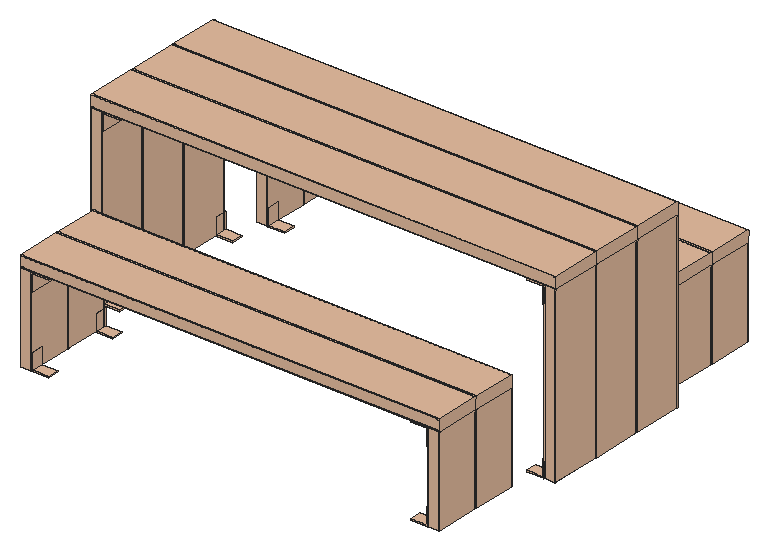
Revit family "Mesa Gavarres", category Furniture, Revit 2020
Family settings
  OmniClass Number = 23.40.20.00
  OmniClass Title = General Furniture and Specialties
  Work Plane-Based = No
  Always vertical = Yes
  Cut with Voids When Loaded = No
  Shared = No
  Room Calculation Point = No
Parameters (values of type "Mesa Gavarres-VM311-2040mm")
  URL_Producto = "https://www.benito.com/es/mobiliario-urbano/mesas/gavarres--VM311.html"
  Type Comments = "Anclaje recomendado: Mediante pernos de expansión M10, según superficie y instalación."
  Referencia = "VM311"
  Material = Madera de pino
  H1 = 0.440 m
  H = 0.810 m
  Ficha_Tecnica = "https://www.benito.com/es/download/data-sheet-VM311"
  Fabricante = "BENITO URBAN SL"
  Description = "Mesa fabricada en madera de pino tratada en autoclave a vacío-presión clase 4 contra la carcoma, termitas e insectos. Tornillería de acero\r\ninoxidable. Pies en plancha de acero corten de 8 mm"
  Default Elevation = 0.000 m
  C = 0.400 m
  B = 0.670 m
  A = 2.040 m
Reference planes (m)
  plane 1 "Center (Front/Back)": y = 0
  plane 2: z = 0
  plane 3 "Center (Left/Right)": x = 0
  plane 4: x = -1.02
  plane 5: x = 1.02
  plane 6: z = 0.81
  plane 7: y = -0.645917
  plane 8: y = -0.447917
  plane 9: y = -0.649917
  plane 10: y = -0.847917
  plane 11: y = 0.645917
  plane 12: y = 0.447917
  plane 13: y = 0.649917
  plane 14: y = 0.847917
  plane 15: x = -0.82
  plane 16: y = 0.335
  plane 17: y = -0.335
  plane 18: y = 0.847917
  plane 19: y = 0.447917
  plane 20: z = 0.44
Forms (m)
  Extrusion 1, solid, material "Madera de pino" <- "Material"
    sketch origin (0, 0, 0) x (0, -1, 0) y (0, 0, -1)
      loop
        arc (0.3325, -0.81) -> (0.334268, -0.809268) -> (0.335, -0.8075) r 0.0025
        line (0.335, -0.8075) -> (0.335, -0.7625)
        arc (0.335, -0.7625) -> (0.334268, -0.760732) -> (0.3325, -0.76) r 0.0025
        line (0.3325, -0.76) -> (0.116667, -0.76)
        arc (0.116667, -0.76) -> (0.114899, -0.760732) -> (0.114167, -0.7625) r 0.0025
        line (0.114167, -0.7625) -> (0.114167, -0.8075)
        arc (0.114167, -0.8075) -> (0.114899, -0.809268) -> (0.116667, -0.81) r 0.0025
        line (0.116667, -0.81) -> (0.3325, -0.81)
    from -1.02 to 1.02
  Extrusion 2, solid, material "Madera de pino" <- "Material"
    sketch origin (0, 0, 0) x (1, 0, 0) y (0, 1, 0)
      loop
        arc (-1.0175, 0.335) -> (-1.019268, 0.334268) -> (-1.02, 0.3325) r 0.0025
        line (-1.02, 0.3325) -> (-1.02, 0.116667)
        arc (-1.02, 0.116667) -> (-1.019268, 0.114899) -> (-1.0175, 0.114167) r 0.0025
        line (-1.0175, 0.114167) -> (-0.9725, 0.114167)
        arc (-0.9725, 0.114167) -> (-0.970732, 0.114899) -> (-0.97, 0.116667) r 0.0025
        line (-0.97, 0.116667) -> (-0.97, 0.3325)
        arc (-0.97, 0.3325) -> (-0.970732, 0.334268) -> (-0.9725, 0.335) r 0.0025
        line (-0.9725, 0.335) -> (-1.0175, 0.335)
    from 0 to 0.76
  Extrusion 3, solid, material "Madera de pino" <- "Material"
    sketch origin (0, 0.223333, 0) x (1, 0, 0) y (0, 1, 0)
      loop
        line (-1.0175, -0.335) -> (-0.9725, -0.335)
        arc (-0.9725, -0.335) -> (-0.970732, -0.334268) -> (-0.97, -0.3325) r 0.0025
        line (-0.97, -0.3325) -> (-0.97, -0.116667)
        arc (-0.97, -0.116667) -> (-0.970732, -0.114899) -> (-0.9725, -0.114167) r 0.0025
        line (-0.9725, -0.114167) -> (-1.0175, -0.114167)
        arc (-1.0175, -0.114167) -> (-1.019268, -0.114899) -> (-1.02, -0.116667) r 0.0025
        line (-1.02, -0.116667) -> (-1.02, -0.3325)
        arc (-1.02, -0.3325) -> (-1.019268, -0.334268) -> (-1.0175, -0.335) r 0.0025
    from 0 to 0.76
  Extrusion 4, solid, material "Madera de pino" <- "Material"
    sketch origin (0, 0, 0) x (1, 0, 0) y (0, 1, 0)
      loop
        line (-1.0175, -0.335) -> (-0.9725, -0.335)
        arc (-0.9725, -0.335) -> (-0.970732, -0.334268) -> (-0.97, -0.3325) r 0.0025
        line (-0.97, -0.3325) -> (-0.97, -0.116667)
        arc (-0.97, -0.116667) -> (-0.970732, -0.114899) -> (-0.9725, -0.114167) r 0.0025
        line (-0.9725, -0.114167) -> (-1.0175, -0.114167)
        arc (-1.0175, -0.114167) -> (-1.019268, -0.114899) -> (-1.02, -0.116667) r 0.0025
        line (-1.02, -0.116667) -> (-1.02, -0.3325)
        arc (-1.02, -0.3325) -> (-1.019268, -0.334268) -> (-1.0175, -0.335) r 0.0025
    from 0 to 0.76
  Extrusion 5, solid, material "Madera de pino" <- "Material"
    sketch origin (0, 0, 0) x (-1, 0, 0) y (0, -1, 0)
      loop
        arc (-1.0175, 0.335) -> (-1.019268, 0.335732) -> (-1.02, 0.3375) r 0.0025
        line (-1.02, 0.3375) -> (-1.02, -0.116667)
        arc (-1.02, -0.116667) -> (-1.019268, -0.114899) -> (-1.0175, -0.114167) r 0.0025
        line (-1.0175, -0.114167) -> (-0.9725, -0.114167)
        arc (-0.9725, -0.114167) -> (-0.970732, -0.114899) -> (-0.97, -0.116667) r 0.0025
        line (-0.97, -0.116667) -> (-0.97, 0.3375)
        arc (-0.97, 0.3375) -> (-0.970732, 0.335732) -> (-0.9725, 0.335) r 0.0025
        line (-0.9725, 0.335) -> (-1.0175, 0.335)
    from 0 to 0.76
  Extrusion 6, solid, material "Madera de pino" <- "Material"
    sketch origin (0, 0.223333, 0) x (-1, 0, 0) y (0, -1, 0)
      loop
        arc (-1.0175, 0.335) -> (-1.019268, 0.334268) -> (-1.02, 0.3325) r 0.0025
        line (-1.02, 0.3325) -> (-1.02, 0.116667)
        arc (-1.02, 0.116667) -> (-1.019268, 0.114899) -> (-1.0175, 0.114167) r 0.0025
        line (-1.0175, 0.114167) -> (-0.9725, 0.114167)
        arc (-0.9725, 0.114167) -> (-0.970732, 0.114899) -> (-0.97, 0.116667) r 0.0025
        line (-0.97, 0.116667) -> (-0.97, 0.3325)
        arc (-0.97, 0.3325) -> (-0.970732, 0.334268) -> (-0.9725, 0.335) r 0.0025
        line (-0.9725, 0.335) -> (-1.0175, 0.335)
    from 0 to 0.76
  Extrusion 7, solid, material "Madera de pino" <- "Material"
    sketch origin (0, 0, 0) x (-1, 0, 0) y (0, -1, 0)
      loop
        arc (-1.0175, 0.335) -> (-1.019268, 0.334268) -> (-1.02, 0.3325) r 0.0025
        line (-1.02, 0.3325) -> (-1.02, 0.116667)
        arc (-1.02, 0.116667) -> (-1.019268, 0.114899) -> (-1.0175, 0.114167) r 0.0025
        line (-1.0175, 0.114167) -> (-0.9725, 0.114167)
        arc (-0.9725, 0.114167) -> (-0.970732, 0.114899) -> (-0.97, 0.116667) r 0.0025
        line (-0.97, 0.116667) -> (-0.97, 0.3325)
        arc (-0.97, 0.3325) -> (-0.970732, 0.334268) -> (-0.9725, 0.335) r 0.0025
        line (-0.9725, 0.335) -> (-1.0175, 0.335)
    from 0 to 0.76
  Extrusion 8, solid, material "Madera de pino" <- "Material"
    sketch origin (0, -0.223333, 0) x (0, 1, 0) y (0, 0, 1)
      loop
        line (0.3325, 0.81) -> (0.116667, 0.81)
        arc (0.116667, 0.81) -> (0.114899, 0.809268) -> (0.114167, 0.8075) r 0.0025
        line (0.114167, 0.8075) -> (0.114167, 0.7625)
        arc (0.114167, 0.7625) -> (0.114899, 0.760732) -> (0.116667, 0.76) r 0.0025
        line (0.116667, 0.76) -> (0.3325, 0.76)
        arc (0.3325, 0.76) -> (0.334268, 0.760732) -> (0.335, 0.7625) r 0.0025
        line (0.335, 0.7625) -> (0.335, 0.8075)
        arc (0.335, 0.8075) -> (0.334268, 0.809268) -> (0.3325, 0.81) r 0.0025
    from -1.02 to 1.02
  Extrusion 9, solid, material "Madera de pino" <- "Material"
    sketch origin (0, 0, 0) x (0, 1, 0) y (0, 0, 1)
      loop
        line (0.3325, 0.81) -> (0.116667, 0.81)
        arc (0.116667, 0.81) -> (0.114899, 0.809268) -> (0.114167, 0.8075) r 0.0025
        line (0.114167, 0.8075) -> (0.114167, 0.7625)
        arc (0.114167, 0.7625) -> (0.114899, 0.760732) -> (0.116667, 0.76) r 0.0025
        line (0.116667, 0.76) -> (0.3325, 0.76)
        arc (0.3325, 0.76) -> (0.334268, 0.760732) -> (0.335, 0.7625) r 0.0025
        line (0.335, 0.7625) -> (0.335, 0.8075)
        arc (0.335, 0.8075) -> (0.334268, 0.809268) -> (0.3325, 0.81) r 0.0025
    from -1.02 to 1.02
  Extrusion 10, solid, material "Madera de pino" <- "Material"
    sketch origin (-0.1, -0.782917, -0.37) x (0, 1, 0) y (0, 0, 1)
      loop
        line (0.3325, 0.81) -> (0.1395, 0.81)
        arc (0.1395, 0.81) -> (0.137732, 0.809268) -> (0.137, 0.8075) r 0.0025
        line (0.137, 0.8075) -> (0.137, 0.7625)
        arc (0.137, 0.7625) -> (0.137732, 0.760732) -> (0.1395, 0.76) r 0.0025
        line (0.1395, 0.76) -> (0.3325, 0.76)
        arc (0.3325, 0.76) -> (0.334268, 0.760732) -> (0.335, 0.7625) r 0.0025
        line (0.335, 0.7625) -> (0.335, 0.8075)
        arc (0.335, 0.8075) -> (0.334268, 0.809268) -> (0.3325, 0.81) r 0.0025
    from -0.82 to 1.02
  Extrusion 11, solid, material "Madera de pino" <- "Material"
    sketch origin (-0.1, -0.33375, 0) x (-1, 0, 0) y (0, -1, 0)
      loop
        arc (-1.02, 0.116667) -> (-1.019268, 0.114899) -> (-1.0175, 0.114167) r 0.0025
        line (-1.0175, 0.114167) -> (-0.9725, 0.114167)
        arc (-0.9725, 0.114167) -> (-0.970732, 0.114899) -> (-0.97, 0.116667) r 0.0025
        line (-0.97, 0.116667) -> (-0.97, 0.309667)
        arc (-0.97, 0.309667) -> (-0.970732, 0.311434) -> (-0.9725, 0.312167) r 0.0025
        line (-0.9725, 0.312167) -> (-1.0175, 0.312167)
        arc (-1.0175, 0.312167) -> (-1.019268, 0.311434) -> (-1.02, 0.309667) r 0.0025
        line (-1.02, 0.309667) -> (-1.02, 0.116667)
    from 0 to 0.39
  Extrusion 12, solid, material "Madera de pino" <- "Material"
    sketch origin (-0.1, -0.512917, -0.37) x (0, -1, 0) y (0, 0, -1)
      loop
        arc (0.3325, -0.81) -> (0.334268, -0.809268) -> (0.335, -0.8075) r 0.0025
        line (0.335, -0.8075) -> (0.335, -0.7625)
        arc (0.335, -0.7625) -> (0.334268, -0.760732) -> (0.3325, -0.76) r 0.0025
        line (0.3325, -0.76) -> (0.1395, -0.76)
        arc (0.1395, -0.76) -> (0.137732, -0.760732) -> (0.137, -0.7625) r 0.0025
        line (0.137, -0.7625) -> (0.137, -0.8075)
        arc (0.137, -0.8075) -> (0.137732, -0.809268) -> (0.1395, -0.81) r 0.0025
        line (0.1395, -0.81) -> (0.3325, -0.81)
    from -0.82 to 1.02
  Extrusion 13, solid, material "Madera de pino" <- "Material"
    sketch origin (-0.1, -0.962083, 0) x (-1, 0, 0) y (0, -1, 0)
      loop
        line (-1.02, -0.116667) -> (-1.02, -0.309667)
        arc (-1.02, -0.309667) -> (-1.019268, -0.311434) -> (-1.0175, -0.312167) r 0.0025
        line (-1.0175, -0.312167) -> (-0.9725, -0.312167)
        arc (-0.9725, -0.312167) -> (-0.970732, -0.311434) -> (-0.97, -0.309667) r 0.0025
        line (-0.97, -0.309667) -> (-0.97, -0.116667)
        arc (-0.97, -0.116667) -> (-0.970732, -0.114899) -> (-0.9725, -0.114167) r 0.0025
        line (-0.9725, -0.114167) -> (-1.0175, -0.114167)
        arc (-1.0175, -0.114167) -> (-1.019268, -0.114899) -> (-1.02, -0.116667) r 0.0025
    from 0 to 0.39
  Extrusion 14, solid, material "Madera de pino" <- "Material"
    sketch origin (0, 0, 0) x (1, 0, 0) y (0, 0, 1)
      loop
        line (-0.97, 0.685) -> (-0.965, 0.685) -> (-0.965, 0.755) -> (-0.895, 0.755) -> (-0.895, 0.76) -> (-0.97, 0.76) -> (-0.97, 0.685)
      loop
        line (0.97, 0.685) -> (0.97, 0.76) -> (0.895, 0.76) -> (0.895, 0.755) -> (0.965, 0.755) -> (0.965, 0.685) -> (0.97, 0.685)
    from -0.335 to 0.335
  Extrusion 15, solid, material "Madera de pino" <- "Material"
    sketch origin (0, 0, 0) x (-1, 0, 0) y (0, -1, 0)
      loop
        line (-1.0175, -0.335) -> (-0.9725, -0.335)
        arc (-0.9725, -0.335) -> (-0.970732, -0.334268) -> (-0.97, -0.3325) r 0.0025
        line (-0.97, -0.3325) -> (-0.97, -0.116667)
        arc (-0.97, -0.116667) -> (-0.970732, -0.114899) -> (-0.9725, -0.114167) r 0.0025
        line (-0.9725, -0.114167) -> (-1.0175, -0.114167)
        arc (-1.0175, -0.114167) -> (-1.019268, -0.114899) -> (-1.02, -0.116667) r 0.0025
        line (-1.02, -0.116667) -> (-1.02, -0.3325)
        arc (-1.02, -0.3325) -> (-1.019268, -0.334268) -> (-1.0175, -0.335) r 0.0025
    from 0 to 0.76
  Extrusion 16, solid, material "Madera de pino" <- "Material"
    sketch origin (0, 0, 0.76) x (1, 0, 0) y (0, 0, 1)
      loop
        line (-0.97, -0.685) -> (-0.97, -0.76) -> (-0.895, -0.76) -> (-0.895, -0.755) -> (-0.965, -0.755) -> (-0.965, -0.685) -> (-0.97, -0.685)
      loop
        line (0.97, -0.685) -> (0.965, -0.685) -> (0.965, -0.755) -> (0.895, -0.755) -> (0.895, -0.76) -> (0.97, -0.76) -> (0.97, -0.685)
    from -0.335 to -0.285
  Extrusion 17, solid, material "Madera de pino" <- "Material"
    sketch origin (-0.1, -0.68, 0.76) x (1, 0, 0) y (0, 0, 1)
      loop
        line (0.97, -0.685) -> (0.965, -0.685) -> (0.965, -0.755) -> (0.895, -0.755) -> (0.895, -0.76) -> (0.97, -0.76) -> (0.97, -0.685)
      loop
        line (-0.77, -0.685) -> (-0.77, -0.76) -> (-0.695, -0.76) -> (-0.695, -0.755) -> (-0.765, -0.755) -> (-0.765, -0.685) -> (-0.77, -0.685)
    from -0.232083 to -0.182083
  Extrusion 18, solid, material "Madera de pino" <- "Material"
    sketch origin (-0.1, -0.68, -0.370144) x (1, 0, 0) y (0, 0, 1)
      loop
        line (0.97, 0.685) -> (0.97, 0.76) -> (0.895, 0.76) -> (0.895, 0.755) -> (0.965, 0.755) -> (0.965, 0.685) -> (0.97, 0.685)
      loop
        line (-0.77, 0.685) -> (-0.765, 0.685) -> (-0.765, 0.755) -> (-0.695, 0.755) -> (-0.695, 0.76) -> (-0.77, 0.76) -> (-0.77, 0.685)
    from -0.232083 to 0.167917
  Extrusion 19, solid, material "Madera de pino" <- "Material"
    sketch origin (-0.1, 0.782917, -0.37) x (0, -1, 0) y (0, 0, -1)
      loop
        arc (0.3325, -0.81) -> (0.334268, -0.809268) -> (0.335, -0.8075) r 0.0025
        line (0.335, -0.8075) -> (0.335, -0.7625)
        arc (0.335, -0.7625) -> (0.334268, -0.760732) -> (0.3325, -0.76) r 0.0025
        line (0.3325, -0.76) -> (0.1395, -0.76)
        arc (0.1395, -0.76) -> (0.137732, -0.760732) -> (0.137, -0.7625) r 0.0025
        line (0.137, -0.7625) -> (0.137, -0.8075)
        arc (0.137, -0.8075) -> (0.137732, -0.809268) -> (0.1395, -0.81) r 0.0025
        line (0.1395, -0.81) -> (0.3325, -0.81)
    from -0.82 to 1.02
  Extrusion 20, solid, material "Madera de pino" <- "Material"
    sketch origin (-0.1, 0.33375, 0) x (-1, 0, 0) y (0, -1, 0)
      loop
        line (-1.02, -0.116667) -> (-1.02, -0.309667)
        arc (-1.02, -0.309667) -> (-1.019268, -0.311434) -> (-1.0175, -0.312167) r 0.0025
        line (-1.0175, -0.312167) -> (-0.9725, -0.312167)
        arc (-0.9725, -0.312167) -> (-0.970732, -0.311434) -> (-0.97, -0.309667) r 0.0025
        line (-0.97, -0.309667) -> (-0.97, -0.116667)
        arc (-0.97, -0.116667) -> (-0.970732, -0.114899) -> (-0.9725, -0.114167) r 0.0025
        line (-0.9725, -0.114167) -> (-1.0175, -0.114167)
        arc (-1.0175, -0.114167) -> (-1.019268, -0.114899) -> (-1.02, -0.116667) r 0.0025
    from 0 to 0.39
  Extrusion 21, solid, material "Madera de pino" <- "Material"
    sketch origin (-0.1, 0.512917, -0.37) x (0, 1, 0) y (0, 0, 1)
      loop
        line (0.3325, 0.81) -> (0.1395, 0.81)
        arc (0.1395, 0.81) -> (0.137732, 0.809268) -> (0.137, 0.8075) r 0.0025
        line (0.137, 0.8075) -> (0.137, 0.7625)
        arc (0.137, 0.7625) -> (0.137732, 0.760732) -> (0.1395, 0.76) r 0.0025
        line (0.1395, 0.76) -> (0.3325, 0.76)
        arc (0.3325, 0.76) -> (0.334268, 0.760732) -> (0.335, 0.7625) r 0.0025
        line (0.335, 0.7625) -> (0.335, 0.8075)
        arc (0.335, 0.8075) -> (0.334268, 0.809268) -> (0.3325, 0.81) r 0.0025
    from -0.82 to 1.02
  Extrusion 22, solid, material "Madera de pino" <- "Material"
    sketch origin (-0.1, 0.962083, 0) x (-1, 0, 0) y (0, -1, 0)
      loop
        arc (-1.02, 0.116667) -> (-1.019268, 0.114899) -> (-1.0175, 0.114167) r 0.0025
        line (-1.0175, 0.114167) -> (-0.9725, 0.114167)
        arc (-0.9725, 0.114167) -> (-0.970732, 0.114899) -> (-0.97, 0.116667) r 0.0025
        line (-0.97, 0.116667) -> (-0.97, 0.309667)
        arc (-0.97, 0.309667) -> (-0.970732, 0.311434) -> (-0.9725, 0.312167) r 0.0025
        line (-0.9725, 0.312167) -> (-1.0175, 0.312167)
        arc (-1.0175, 0.312167) -> (-1.019268, 0.311434) -> (-1.02, 0.309667) r 0.0025
        line (-1.02, 0.309667) -> (-1.02, 0.116667)
    from 0 to 0.39
  Extrusion 23, solid, material "Madera de pino" <- "Material"
    sketch origin (-0.1, 0.68, -0.370144) x (1, 0, 0) y (0, 0, -1)
      loop
        line (0.97, -0.685) -> (0.965, -0.685) -> (0.965, -0.755) -> (0.895, -0.755) -> (0.895, -0.76) -> (0.97, -0.76) -> (0.97, -0.685)
      loop
        line (-0.77, -0.685) -> (-0.77, -0.76) -> (-0.695, -0.76) -> (-0.695, -0.755) -> (-0.765, -0.755) -> (-0.765, -0.685) -> (-0.77, -0.685)
    from -0.232083 to 0.167917
  Extrusion 24, solid, material "Madera de pino" <- "Material"
    sketch origin (0.1, -0.33375, 0) x (1, 0, 0) y (0, 1, 0)
      loop
        line (-1.02, -0.116667) -> (-1.02, -0.309667)
        arc (-1.02, -0.309667) -> (-1.019268, -0.311434) -> (-1.0175, -0.312167) r 0.0025
        line (-1.0175, -0.312167) -> (-0.9725, -0.312167)
        arc (-0.9725, -0.312167) -> (-0.970732, -0.311434) -> (-0.97, -0.309667) r 0.0025
        line (-0.97, -0.309667) -> (-0.97, -0.116667)
        arc (-0.97, -0.116667) -> (-0.970732, -0.114899) -> (-0.9725, -0.114167) r 0.0025
        line (-0.9725, -0.114167) -> (-1.0175, -0.114167)
        arc (-1.0175, -0.114167) -> (-1.019268, -0.114899) -> (-1.02, -0.116667) r 0.0025
    from 0 to 0.39
  Extrusion 25, solid, material "Madera de pino" <- "Material"
    sketch origin (0.1, -0.962083, 0) x (1, 0, 0) y (0, 1, 0)
      loop
        arc (-1.02, 0.116667) -> (-1.019268, 0.114899) -> (-1.0175, 0.114167) r 0.0025
        line (-1.0175, 0.114167) -> (-0.9725, 0.114167)
        arc (-0.9725, 0.114167) -> (-0.970732, 0.114899) -> (-0.97, 0.116667) r 0.0025
        line (-0.97, 0.116667) -> (-0.97, 0.309667)
        arc (-0.97, 0.309667) -> (-0.970732, 0.311434) -> (-0.9725, 0.312167) r 0.0025
        line (-0.9725, 0.312167) -> (-1.0175, 0.312167)
        arc (-1.0175, 0.312167) -> (-1.019268, 0.311434) -> (-1.02, 0.309667) r 0.0025
        line (-1.02, 0.309667) -> (-1.02, 0.116667)
    from 0 to 0.39
  Extrusion 26, solid, material "Madera de pino" <- "Material"
    sketch origin (0.1, 0.33375, 0) x (1, 0, 0) y (0, 1, 0)
      loop
        arc (-1.02, 0.116667) -> (-1.019268, 0.114899) -> (-1.0175, 0.114167) r 0.0025
        line (-1.0175, 0.114167) -> (-0.9725, 0.114167)
        arc (-0.9725, 0.114167) -> (-0.970732, 0.114899) -> (-0.97, 0.116667) r 0.0025
        line (-0.97, 0.116667) -> (-0.97, 0.309667)
        arc (-0.97, 0.309667) -> (-0.970732, 0.311434) -> (-0.9725, 0.312167) r 0.0025
        line (-0.9725, 0.312167) -> (-1.0175, 0.312167)
        arc (-1.0175, 0.312167) -> (-1.019268, 0.311434) -> (-1.02, 0.309667) r 0.0025
        line (-1.02, 0.309667) -> (-1.02, 0.116667)
    from 0 to 0.39
  Extrusion 27, solid, material "Madera de pino" <- "Material"
    sketch origin (0.1, 0.962083, 0) x (1, 0, 0) y (0, 1, 0)
      loop
        line (-1.02, -0.116667) -> (-1.02, -0.309667)
        arc (-1.02, -0.309667) -> (-1.019268, -0.311434) -> (-1.0175, -0.312167) r 0.0025
        line (-1.0175, -0.312167) -> (-0.9725, -0.312167)
        arc (-0.9725, -0.312167) -> (-0.970732, -0.311434) -> (-0.97, -0.309667) r 0.0025
        line (-0.97, -0.309667) -> (-0.97, -0.116667)
        arc (-0.97, -0.116667) -> (-0.970732, -0.114899) -> (-0.9725, -0.114167) r 0.0025
        line (-0.9725, -0.114167) -> (-1.0175, -0.114167)
        arc (-1.0175, -0.114167) -> (-1.019268, -0.114899) -> (-1.02, -0.116667) r 0.0025
    from 0 to 0.39
  Extrusion 28, solid, material "Madera de pino" <- "Material"
    sketch origin (-0.1, -0.615833, 0.76) x (1, 0, 0) y (0, 0, -1)
      loop
        line (0.97, 0.685) -> (0.97, 0.76) -> (0.895, 0.76) -> (0.895, 0.755) -> (0.965, 0.755) -> (0.965, 0.685) -> (0.97, 0.685)
      loop
        line (-0.77, 0.685) -> (-0.765, 0.685) -> (-0.765, 0.755) -> (-0.695, 0.755) -> (-0.695, 0.76) -> (-0.77, 0.76) -> (-0.77, 0.685)
    from -0.232083 to -0.182083
  Extrusion 29, solid, material "Madera de pino" <- "Material"
    sketch origin (-0.1, 0.68, 0.76) x (1, 0, 0) y (0, 0, -1)
      loop
        line (0.97, 0.685) -> (0.97, 0.76) -> (0.895, 0.76) -> (0.895, 0.755) -> (0.965, 0.755) -> (0.965, 0.685) -> (0.97, 0.685)
      loop
        line (-0.77, 0.685) -> (-0.765, 0.685) -> (-0.765, 0.755) -> (-0.695, 0.755) -> (-0.695, 0.76) -> (-0.77, 0.76) -> (-0.77, 0.685)
    from -0.232083 to -0.182083
  Extrusion 30, solid, material "Madera de pino" <- "Material"
    sketch origin (-0.1, 0.615833, 0.76) x (1, 0, 0) y (0, 0, 1)
      loop
        line (0.97, -0.685) -> (0.965, -0.685) -> (0.965, -0.755) -> (0.895, -0.755) -> (0.895, -0.76) -> (0.97, -0.76) -> (0.97, -0.685)
      loop
        line (-0.77, -0.685) -> (-0.77, -0.76) -> (-0.695, -0.76) -> (-0.695, -0.755) -> (-0.765, -0.755) -> (-0.765, -0.685) -> (-0.77, -0.685)
    from -0.232083 to -0.182083
  Extrusion 31, solid, material "Madera de pino" <- "Material"
    sketch origin (0, 0, 0.76) x (1, 0, 0) y (0, 0, -1)
      loop
        line (-0.97, 0.685) -> (-0.965, 0.685) -> (-0.965, 0.755) -> (-0.895, 0.755) -> (-0.895, 0.76) -> (-0.97, 0.76) -> (-0.97, 0.685)
      loop
        line (0.97, 0.685) -> (0.97, 0.76) -> (0.895, 0.76) -> (0.895, 0.755) -> (0.965, 0.755) -> (0.965, 0.685) -> (0.97, 0.685)
    from -0.335 to -0.285
Dimensions and locks (m)
  "H": plane 6 to level
  plane 5 to plane 4 = 2.040 m
  plane 15 to Extrusion 5 = 1.840 m
  "B": plane 16 to plane 17
  "C": plane 18 to plane 19
  "H1": plane 20 to level
  aligned and locked: level to plane 2
Automatic sketch dimensions
  Extrusion 1 sketch curve to plane 6 = 0.000 m
  Extrusion 1 sketch curve to plane 17 = 0.000 m
  Extrusion 1 sketch curve to plane 17 = 0.0025 m
  Extrusion 1 sketch curve to Extrusion 1 sketch curve = 0.0025 m  (x2)
  plane 6 to Extrusion 1 sketch curve = 0.0025 m
  Extrusion 1 sketch curve to plane 1 "Center (Front/Back)" = 0.116667 m
  Extrusion 1 sketch curve to Extrusion 1 sketch curve = 0.045 m
  Extrusion 2 sketch curve to plane 4 = 0.000 m
  Extrusion 2 sketch curve to plane 16 = 0.000 m
  plane 4 to Extrusion 2 sketch curve = 0.0025 m
  Extrusion 2 sketch curve to Extrusion 2 sketch curve = 0.0025 m  (x2)
  Extrusion 2 sketch curve to plane 16 = 0.0025 m
  Extrusion 2 sketch curve to Extrusion 2 sketch curve = 0.045 m
  Extrusion 2 sketch curve to plane 1 "Center (Front/Back)" = 0.116667 m
  Extrusion 3 sketch curve to plane 4 = 0.000 m
  Extrusion 3 sketch curve to plane 4 = 0.0025 m
  Extrusion 3 sketch curve to Extrusion 3 sketch curve = 0.0025 m  (x2)
  Extrusion 3 sketch curve to Extrusion 3 sketch curve = 0.045 m  (x2)
  plane 1 "Center (Front/Back)" to Extrusion 3 sketch curve = 0.109167 m
  Extrusion 3 sketch curve to plane 1 "Center (Front/Back)" = 0.109167 m
  Extrusion 4 sketch curve to plane 4 = 0.000 m
  Extrusion 4 sketch curve to plane 17 = 0.000 m
  Extrusion 4 sketch curve to plane 4 = 0.0025 m
  Extrusion 4 sketch curve to Extrusion 4 sketch curve = 0.0025 m  (x2)
  Extrusion 4 sketch curve to plane 17 = 0.0025 m
  Extrusion 4 sketch curve to Extrusion 4 sketch curve = 0.045 m
  Extrusion 4 sketch curve to plane 1 "Center (Front/Back)" = 0.116667 m
  Extrusion 5 sketch curve to plane 5 = 0.000 m
  Extrusion 5 sketch curve to plane 17 = 0.000 m
  Extrusion 5 sketch curve to plane 5 = 0.0025 m
  Extrusion 5 sketch curve to Extrusion 5 sketch curve = 0.0025 m  (x2)
  plane 17 to Extrusion 5 sketch curve = 0.0025 m
  Extrusion 5 sketch curve to Extrusion 5 sketch curve = 0.045 m
  plane 1 "Center (Front/Back)" to Extrusion 5 sketch curve = 0.114167 m
  Extrusion 6 sketch curve to plane 5 = 0.000 m
  plane 5 to Extrusion 6 sketch curve = 0.0025 m
  Extrusion 6 sketch curve to Extrusion 6 sketch curve = 0.0025 m  (x2)
  Extrusion 6 sketch curve to Extrusion 6 sketch curve = 0.045 m  (x2)
  Extrusion 6 sketch curve to plane 1 "Center (Front/Back)" = 0.109167 m
  plane 1 "Center (Front/Back)" to Extrusion 6 sketch curve = 0.109167 m
  Extrusion 7 sketch curve to plane 5 = 0.000 m
  Extrusion 7 sketch curve to plane 17 = 0.000 m
  plane 5 to Extrusion 7 sketch curve = 0.0025 m
  Extrusion 7 sketch curve to Extrusion 7 sketch curve = 0.0025 m  (x2)
  plane 17 to Extrusion 7 sketch curve = 0.0025 m
  Extrusion 7 sketch curve to Extrusion 7 sketch curve = 0.045 m
  plane 1 "Center (Front/Back)" to Extrusion 7 sketch curve = 0.116667 m
  Extrusion 8 sketch curve to plane 6 = 0.000 m
  plane 1 "Center (Front/Back)" to Extrusion 8 sketch curve = 0.109167 m
  Extrusion 8 sketch curve to Extrusion 8 sketch curve = 0.0025 m  (x2)
  Extrusion 8 sketch curve to plane 6 = 0.050 m
  Extrusion 8 sketch curve to plane 1 "Center (Front/Back)" = 0.109167 m
  Extrusion 8 sketch curve to plane 6 = 0.0025 m
  Extrusion 8 sketch curve to Extrusion 8 sketch curve = 0.000 m
  Extrusion 9 sketch curve to plane 6 = 0.000 m
  Extrusion 9 sketch curve to plane 16 = 0.000 m
  Extrusion 9 sketch curve to plane 16 = 0.0025 m  (x2)
  Extrusion 9 sketch curve to plane 6 = 0.0025 m
  Extrusion 9 sketch curve to plane 1 "Center (Front/Back)" = 0.116667 m
  Extrusion 9 sketch curve to Extrusion 9 sketch curve = 0.0025 m
  Extrusion 9 sketch curve to Extrusion 9 sketch curve = 0.045 m
  Extrusion 10 sketch curve to plane 7 = 0.000 m
  Extrusion 10 sketch curve to plane 20 = 0.000 m
  Extrusion 10 sketch curve to plane 8 = 0.000 m
  Extrusion 10 sketch curve to plane 7 = 0.0025 m  (x2)
  Extrusion 10 sketch curve to plane 8 = 0.0025 m  (x2)
  Extrusion 10 sketch curve to Extrusion 10 sketch curve = 0.045 m
  plane 5 to Extrusion 11 sketch curve = 0.100 m
  Extrusion 11 sketch curve to Extrusion 11 sketch curve = 0.0025 m  (x3)
  Extrusion 11 sketch curve to Extrusion 11 sketch curve = 0.045 m  (x2)
  Extrusion 11 sketch curve to plane 17 = 0.112917 m
  Extrusion 11 sketch curve to Extrusion 11 sketch curve = 0.193 m
  Extrusion 12 sketch curve to plane 9 = 0.000 m
  Extrusion 12 sketch curve to plane 20 = 0.000 m
  Extrusion 12 sketch curve to plane 10 = 0.000 m
  Extrusion 12 sketch curve to plane 9 = 0.0025 m  (x2)
  Extrusion 12 sketch curve to plane 10 = 0.0025 m  (x2)
  Extrusion 12 sketch curve to Extrusion 12 sketch curve = 0.045 m
  plane 5 to Extrusion 13 sketch curve = 0.100 m
  Extrusion 13 sketch curve to Extrusion 13 sketch curve = 0.0025 m  (x3)
  Extrusion 13 sketch curve to Extrusion 13 sketch curve = 0.045 m  (x2)
  Extrusion 13 sketch curve to plane 17 = 0.314917 m
  Extrusion 13 sketch curve to Extrusion 13 sketch curve = 0.193 m
  plane 4 to Extrusion 14 sketch curve = 0.050 m
  Extrusion 14 sketch curve to Extrusion 14 sketch curve = 0.005 m  (x4)
  Extrusion 14 sketch curve to Extrusion 14 sketch curve = 0.070 m  (x3)
  Extrusion 14 sketch curve to plane 6 = 0.055 m  (x2)
  plane 5 to Extrusion 14 sketch curve = 0.125 m
  plane 5 to Extrusion 14 sketch curve = 0.055 m
  Extrusion 15 sketch curve to plane 5 = 0.000 m
  Extrusion 15 sketch curve to plane 16 = 0.000 m
  Extrusion 15 sketch curve to plane 5 = 0.0025 m
  Extrusion 15 sketch curve to Extrusion 15 sketch curve = 0.0025 m  (x2)
  plane 16 to Extrusion 15 sketch curve = 0.0025 m
  Extrusion 15 sketch curve to Extrusion 15 sketch curve = 0.045 m
  plane 1 "Center (Front/Back)" to Extrusion 15 sketch curve = 0.116667 m
  Extrusion 16 sketch curve to level = 0.000 m  (x2)
  Extrusion 16 sketch curve to plane 4 = 0.050 m
  Extrusion 16 sketch curve to Extrusion 16 sketch curve = 0.005 m  (x3)
  Extrusion 16 sketch curve to Extrusion 16 sketch curve = 0.070 m  (x3)
  Extrusion 16 sketch curve to level = 0.005 m
  Extrusion 16 sketch curve to plane 5 = 0.125 m
  Extrusion 16 sketch curve to plane 5 = 0.055 m
  Extrusion 17 sketch curve to level = 0.000 m  (x2)
  Extrusion 17 sketch curve to plane 15 = 0.050 m
  Extrusion 17 sketch curve to Extrusion 17 sketch curve = 0.005 m  (x2)
  Extrusion 17 sketch curve to Extrusion 17 sketch curve = 0.070 m  (x3)
  Extrusion 17 sketch curve to plane 5 = 0.225 m
  Extrusion 17 sketch curve to plane 5 = 0.155 m
  Extrusion 17 sketch curve to level = 0.005 m  (x2)
  plane 15 to Extrusion 18 sketch curve = 0.050 m
  Extrusion 18 sketch curve to Extrusion 18 sketch curve = 0.005 m  (x4)
  Extrusion 18 sketch curve to Extrusion 18 sketch curve = 0.070 m  (x3)
  plane 20 to Extrusion 18 sketch curve = 0.050144 m  (x2)
  plane 5 to Extrusion 18 sketch curve = 0.225 m
  plane 5 to Extrusion 18 sketch curve = 0.155 m
  Extrusion 19 sketch curve to plane 11 = 0.000 m
  Extrusion 19 sketch curve to plane 20 = 0.000 m
  Extrusion 19 sketch curve to plane 12 = 0.000 m
  Extrusion 19 sketch curve to plane 11 = 0.0025 m  (x2)
  Extrusion 19 sketch curve to plane 12 = 0.0025 m  (x2)
  Extrusion 19 sketch curve to Extrusion 19 sketch curve = 0.045 m
  plane 5 to Extrusion 20 sketch curve = 0.100 m
  Extrusion 20 sketch curve to plane 19 = 0.000 m
  Extrusion 20 sketch curve to Extrusion 20 sketch curve = 0.0025 m  (x3)
  Extrusion 20 sketch curve to Extrusion 20 sketch curve = 0.045 m  (x2)
  Extrusion 20 sketch curve to Extrusion 20 sketch curve = 0.193 m
  Extrusion 21 sketch curve to plane 13 = 0.000 m
  Extrusion 21 sketch curve to plane 20 = 0.000 m
  Extrusion 21 sketch curve to plane 14 = 0.000 m
  Extrusion 21 sketch curve to plane 13 = 0.0025 m  (x2)
  Extrusion 21 sketch curve to plane 14 = 0.0025 m  (x2)
  Extrusion 21 sketch curve to Extrusion 21 sketch curve = 0.045 m
  plane 5 to Extrusion 22 sketch curve = 0.100 m
  Extrusion 22 sketch curve to plane 18 = 0.000 m
  Extrusion 22 sketch curve to Extrusion 22 sketch curve = 0.0025 m  (x3)
  Extrusion 22 sketch curve to Extrusion 22 sketch curve = 0.045 m  (x2)
  Extrusion 22 sketch curve to Extrusion 22 sketch curve = 0.193 m
  plane 15 to Extrusion 23 sketch curve = 0.050 m
  Extrusion 23 sketch curve to Extrusion 23 sketch curve = 0.005 m  (x4)
  Extrusion 23 sketch curve to Extrusion 23 sketch curve = 0.070 m  (x3)
  plane 20 to Extrusion 23 sketch curve = 0.050144 m  (x2)
  plane 5 to Extrusion 23 sketch curve = 0.225 m
  plane 5 to Extrusion 23 sketch curve = 0.155 m
  plane 15 to Extrusion 24 sketch curve = 0.100 m
  plane 15 to Extrusion 24 sketch curve = 0.0975 m  (x2)
  Extrusion 24 sketch curve to Extrusion 24 sketch curve = 0.045 m  (x2)
  Extrusion 24 sketch curve to Extrusion 24 sketch curve = 0.0025 m
  Extrusion 24 sketch curve to plane 17 = 0.310917 m
  Extrusion 24 sketch curve to plane 17 = 0.115417 m
  plane 15 to Extrusion 25 sketch curve = 0.100 m
  plane 15 to Extrusion 25 sketch curve = 0.0975 m  (x2)
  Extrusion 25 sketch curve to Extrusion 25 sketch curve = 0.045 m  (x2)
  Extrusion 25 sketch curve to Extrusion 25 sketch curve = 0.0025 m
  Extrusion 25 sketch curve to plane 17 = 0.512917 m
  Extrusion 25 sketch curve to Extrusion 25 sketch curve = 0.193 m
  plane 15 to Extrusion 26 sketch curve = 0.100 m
  Extrusion 26 sketch curve to plane 19 = 0.000 m
  plane 15 to Extrusion 26 sketch curve = 0.0975 m  (x2)
  Extrusion 26 sketch curve to Extrusion 26 sketch curve = 0.045 m  (x2)
  Extrusion 26 sketch curve to Extrusion 26 sketch curve = 0.0025 m
  Extrusion 26 sketch curve to Extrusion 26 sketch curve = 0.193 m
  plane 15 to Extrusion 27 sketch curve = 0.100 m
  Extrusion 27 sketch curve to plane 18 = 0.000 m
  plane 15 to Extrusion 27 sketch curve = 0.0975 m  (x2)
  Extrusion 27 sketch curve to Extrusion 27 sketch curve = 0.045 m  (x2)
  Extrusion 27 sketch curve to Extrusion 27 sketch curve = 0.0025 m
  Extrusion 27 sketch curve to Extrusion 27 sketch curve = 0.193 m
  Extrusion 28 sketch curve to level = 0.000 m  (x2)
  plane 15 to Extrusion 28 sketch curve = 0.050 m
  Extrusion 28 sketch curve to Extrusion 28 sketch curve = 0.005 m  (x2)
  Extrusion 28 sketch curve to Extrusion 28 sketch curve = 0.070 m  (x3)
  plane 5 to Extrusion 28 sketch curve = 0.225 m
  plane 5 to Extrusion 28 sketch curve = 0.155 m
  level to Extrusion 28 sketch curve = 0.005 m  (x2)
  Extrusion 29 sketch curve to level = 0.000 m  (x2)
  plane 15 to Extrusion 29 sketch curve = 0.050 m
  Extrusion 29 sketch curve to Extrusion 29 sketch curve = 0.005 m  (x2)
  Extrusion 29 sketch curve to Extrusion 29 sketch curve = 0.070 m  (x3)
  plane 5 to Extrusion 29 sketch curve = 0.225 m
  plane 5 to Extrusion 29 sketch curve = 0.155 m
  level to Extrusion 29 sketch curve = 0.005 m  (x2)
  Extrusion 30 sketch curve to level = 0.000 m  (x2)
  plane 15 to Extrusion 30 sketch curve = 0.050 m
  Extrusion 30 sketch curve to Extrusion 30 sketch curve = 0.005 m  (x2)
  Extrusion 30 sketch curve to Extrusion 30 sketch curve = 0.070 m  (x3)
  plane 5 to Extrusion 30 sketch curve = 0.225 m
  plane 5 to Extrusion 30 sketch curve = 0.155 m
  level to Extrusion 30 sketch curve = 0.005 m  (x2)
  Extrusion 31 sketch curve to level = 0.000 m  (x2)
  plane 4 to Extrusion 31 sketch curve = 0.050 m
  Extrusion 31 sketch curve to Extrusion 31 sketch curve = 0.005 m  (x3)
  Extrusion 31 sketch curve to Extrusion 31 sketch curve = 0.070 m  (x3)
  level to Extrusion 31 sketch curve = 0.005 m
  plane 5 to Extrusion 31 sketch curve = 0.125 m
  plane 5 to Extrusion 31 sketch curve = 0.055 m
